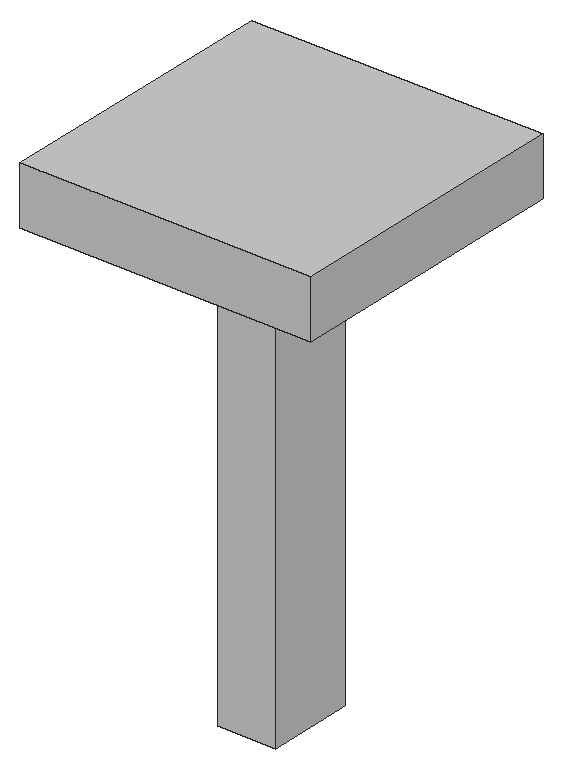
Revit family
Parameters (values of type "M_300 x 450")
  드롭 패널 표시 [instance] = yes
  기둥 머리 보기 [instance] = yes
  높이 1 [instance] = if(기둥 머리 보기, 기둥 머리 높이, 0 mm)  # 300 mm
  드롭 패널 길이 [instance] = 1500 mm
  슬래브 두께 [instance] = 120 mm
  드롭 패널 폭 [instance] = 1500 mm
  드롭 패널 두께 [instance] = 300 mm
  기둥 재료 [instance] = 콘크리트 - 현장타설 콘크리트
  기둥 머리 상단 길이 [instance] = 900 mm
  기둥 머리 상단 폭 [instance] = 1050 mm
  기둥 머리 상단 간격띄우기 [instance] = if(드롭 패널 표시, 드롭 패널 두께, 0 mm)  # 300 mm
  기둥 머리 높이 [instance] = 300 mm
  Assembly Code = "B10"
  b = 300 mm
  h = 450 mm
Types (4, lengths in mm): name | b | h
  (no name) | 300 | 450
  M_300 x 450 | 300 | 450
  M_450 x 600 | 450 | 600
  M_600 x 750 | 600 | 750
Reference planes
  plane 1 "중심(앞/뒤)": y = 0
  plane 2: z = 0
  plane 3 "중심(왼쪽/오른쪽)": x = 0
  plane 4: x = -150
  plane 5: x = 150
  plane 6: y = 225
  plane 7: y = -225
  plane 8: z = 2743.2
  plane 9: z = 2623.2
  plane 10: z = 2323.2
  plane 11: z = 2023.2
  plane 12: z = 2023.2
  plane 13: x = -750
  plane 14: x = 750
  plane 15: y = 750
  plane 16: y = -750
  plane 17: x = -450
  plane 18: x = 450
  plane 19: y = 525
  plane 20: y = -525
  plane 21: z = 2323.2
Forms (mm)
  Extrusion 1, solid, material "콘크리트 - 현장타설 콘크리트" <- "기둥 재료"
    sketch origin (0, 0, 0) x (1, 0, 0) y (0, 1, 0)
      loop
        line (-150, 225) -> (-150, -225) -> (150, -225) -> (150, 225) -> (-150, 225)
    from 0 to 2023.2
Lines and regions (mm)
  symbolic lines, style "HiddenStructuralColumnLines"
    curve 1: line (-150, 225, 0) -> (150, 225, 0)
    curve 2: line (-150, -225, 0) -> (-150, 225, 0)
    curve 3: line (150, -225, 0) -> (-150, -225, 0)
    curve 4: line (150, 225, 0) -> (150, -225, 0)
Dimensions and locks
  equal spacing: plane 4, plane 3 "중심(왼쪽/오른쪽)", plane 5
  equal spacing: plane 7, plane 1 "중심(앞/뒤)", plane 6
  "h": plane 7 to plane 6
  "b": plane 4 to plane 5
  "드롭 패널 두께": plane 9 to plane 10
  "슬래브 두께": plane 8 to plane 9
  plane 11 to plane 2 = 2023.2 mm
  "드롭 패널 길이": plane 13 to plane 14
  equal spacing: plane 13, plane 3 "중심(왼쪽/오른쪽)", plane 14
  "드롭 패널 폭": plane 16 to plane 15
  equal spacing: plane 15, plane 1 "중심(앞/뒤)", plane 16
  "기둥 머리 상단 길이": plane 17 to plane 18
  equal spacing: plane 17, plane 3 "중심(왼쪽/오른쪽)", plane 18
  "기둥 머리 상단 폭": plane 20 to plane 19
  equal spacing: plane 20, plane 1 "중심(앞/뒤)", plane 19
  "기둥 머리 상단 간격띄우기": plane 9 to plane 21
  "기둥 머리 높이": plane 21 to plane 11
  "높이 1": plane 21 to plane 12
  aligned and locked: level to plane 2
  aligned and locked: level to plane 8
  aligned and locked: plane 9 to nested 1
  aligned and locked: nested 1 to plane 10
  aligned and locked: nested 1 to plane 13  (x2)
  aligned and locked: plane 14 to nested 1  (x2)
  aligned and locked: plane 15 to nested 1
  aligned and locked: plane 16 to nested 1
  aligned and locked: plane 19 to nested 2
  aligned and locked: plane 20 to nested 2
  aligned and locked: nested 2 to plane 17
  aligned and locked: nested 2 to plane 18
  aligned and locked: plane 6 to Extrusion 1 sketch curve
  aligned and locked: Extrusion 1 sketch curve to plane 7
  aligned and locked: Extrusion 1 sketch curve to plane 4
  aligned and locked: plane 5 to Extrusion 1 sketch curve
  aligned and locked: plane 12 to Extrusion 1
  aligned and locked: nested 2 to plane 11
  aligned and locked: plane 21 to nested 2
  aligned and locked: plane 4 to curve 1
  aligned and locked: plane 6 to curve 1
  aligned and locked: plane 7 to curve 4
  aligned and locked: plane 5 to curve 4
Nested families
  nested 1: "M_플랫 드롭 캡" at (0, 0, 2743.2), visible <- "드롭 패널 표시", type "M_플랫 드롭 캡"
  nested 2: "M_직사각형 혼합 기둥 머리" at (0, 0, 2443.2), visible <- "기둥 머리 보기", type "M_직사각형 혼합 기둥 머리"
Definition of nested family "M_플랫 드롭 캡"
  Parameters (values of type "M_플랫 드롭 캡")
    슬래브 두께 = 120 mm
    택시 재료 = 콘크리트 - 현장타설 콘크리트
    드롭 패널 폭 = 1500 mm
    드롭 패널 두께 = 300 mm
    드롭 패널 길이 = 1500 mm
    Assembly Code = ""
  Reference planes
    plane 1 "중심(앞/뒤)": y = 0
    plane 2: z = 0
    plane 3 "중심(왼쪽/오른쪽)": x = 0
    plane 4: y = 750
    plane 5: y = -750
    plane 6: x = -750
    plane 7: x = 750
    plane 8: z = -120
    plane 9: z = -420
  Forms (mm)
    Extrusion 1, solid, material "콘크리트 - 현장타설 콘크리트" <- "택시 재료"
      sketch origin (0, 0, 0) x (1, 0, 0) y (0, 1, 0)
        loop
          line (-750, 750) -> (-750, -750) -> (750, -750) -> (750, 750) -> (-750, 750)
      from -120 to -420
  Dimensions and locks
    "드롭 패널 길이": plane 6 to plane 7
    "드롭 패널 폭": plane 4 to plane 5
    equal spacing: plane 6, plane 3 "중심(왼쪽/오른쪽)", plane 7
    equal spacing: plane 4, plane 1 "중심(앞/뒤)", plane 5
    "슬래브 두께": plane 2 to plane 8
    "드롭 패널 두께": plane 8 to plane 9
    aligned and locked: plane 2 to level
    aligned and locked: plane 6 to Extrusion 1 sketch curve
    aligned and locked: Extrusion 1 sketch curve to plane 4
    aligned and locked: plane 5 to Extrusion 1 sketch curve
    aligned and locked: Extrusion 1 sketch curve to plane 7
    aligned and locked: Extrusion 1 to plane 9
    aligned and locked: plane 8 to Extrusion 1
Definition of nested family "M_직사각형 혼합 기둥 머리"
  Parameters (values of type "M_직사각형 혼합 기둥 머리")
    슬래브 두께 = 120 mm
    택시 재료 = 콘크리트 - 현장타설 콘크리트
    캡 상단 폭 = 1050 mm
    캡 상단 길이 = 900 mm
    캡 두께 = 300 mm
    캡 베이스 폭 = 450 mm
    캡 베이스 길이 = 300 mm
    Assembly Code = ""
  Reference planes
    plane 1 "중심(앞/뒤)": y = 0
    plane 2: z = 0
    plane 3 "중심(왼쪽/오른쪽)": x = 0
    plane 4: y = 225
    plane 5: y = -225
    plane 6: x = -150
    plane 7: x = 150
    plane 8: y = 525
    plane 9: x = -450
    plane 10: x = 450
    plane 11: y = -525
    plane 12 "캡 상단": z = -120
    plane 13 "캡 베이스": z = -420
  Forms (mm)
    Blend 1, solid, material "콘크리트 - 현장타설 콘크리트" <- "택시 재료"
      base sketch origin (0, 0, -120) x (-1, 0, 0) y (0, -1, 0)
        loop
          line (150, -225) -> (150, 225) -> (-150, 225) -> (-150, -225) -> (150, -225)
      top sketch origin (0, 0, -420) x (-1, 0, 0) y (0, -1, 0)
        loop
          line (450, -525) -> (450, 525) -> (-450, 525) -> (-450, -525) -> (450, -525)
      from -300 to 300
  Dimensions and locks
    "캡 베이스 길이": plane 6 to plane 7
    "캡 베이스 폭": plane 4 to plane 5
    equal spacing: plane 6, plane 3 "중심(왼쪽/오른쪽)", plane 7
    equal spacing: plane 4, plane 1 "중심(앞/뒤)", plane 5
    "캡 상단 길이": plane 9 to plane 10
    "캡 상단 폭": plane 11 to plane 8
    equal spacing: plane 9, plane 3 "중심(왼쪽/오른쪽)", plane 10
    equal spacing: plane 11, plane 1 "중심(앞/뒤)", plane 8
    "슬래브 두께": plane 2 to plane 12 "캡 상단"
    "캡 두께": plane 12 "캡 상단" to plane 13 "캡 베이스"
    aligned and locked: plane 2 to level
    aligned and locked: plane 6 to Blend 1 sketch curve
    aligned and locked: Blend 1 sketch curve to plane 4
    aligned and locked: plane 5 to Blend 1 sketch curve
    aligned and locked: Blend 1 sketch curve to plane 7
    aligned and locked: plane 9 to Blend 1 sketch curve
    aligned and locked: Blend 1 sketch curve to plane 8
    aligned and locked: plane 11 to Blend 1 sketch curve
    aligned and locked: plane 10 to Blend 1 sketch curve
    aligned and locked: Blend 1 to plane 13 "캡 베이스"
    aligned and locked: plane 12 "캡 상단" to Blend 1
